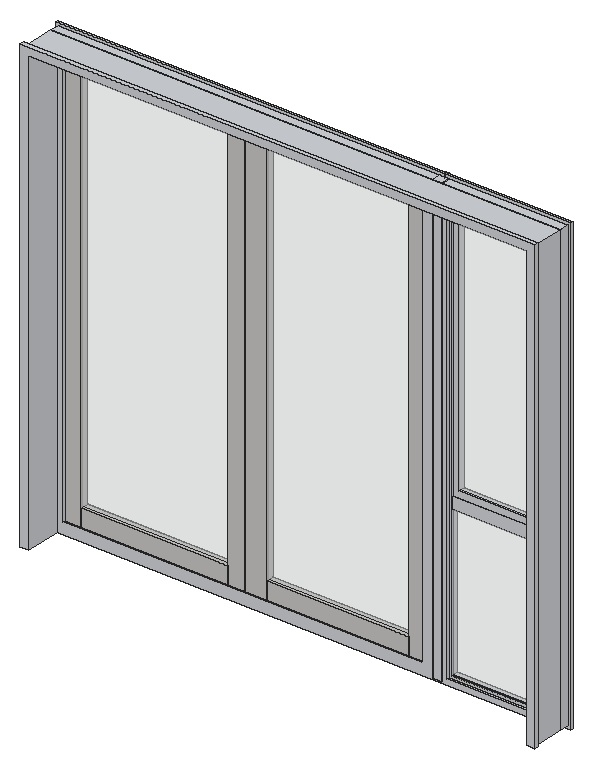
Revit family "APL Residential Thermal Heart French Door with Sidelight", category Doors, host Wall, Revit 2017
Family settings
  Host = Wall
  OmniClass Number = 23.30.10.00
  OmniClass Title = Doors
  Always vertical = Yes
  Cut with Voids When Loaded = No
  Shared = No
  Room Calculation Point = No
Parameters (values of type "Architrave")
  sidelight [instance] = 608 mm
  Sidelight Length [instance] = 600 mm
  Rough Width = 2515 mm
  Rough Height = 2213 mm
  Reveal Liner = no
  Plan Swing = yes
  Panel 2 [instance] = ((Rough Width - sidelight) / 2) + 7 mm  # 960.5 mm
  Panel 1 [instance] = ((Rough Width - sidelight) / 2) - 7 mm  # 946.5 mm
  Panel = ((Rough Width - 400 mm) / 2) - 158.5 mm  # 899 mm
  Liner Sill = no
  Liner Head = yes
  Liner End = 10 mm
  Liner = 100 mm
  Jamb Liner 2 = yes
  Jamb Liner 1 = yes
  Groove = 10 mm
  Function = Interior
  Frame Width Sill = 15 mm
  Frame Projection Ext. = 13 mm
  Frame Projection Int. = 20 mm
  Frame Width = 12.5 mm
  Height = Rough Height - 12.5 mm  # 2200.5 mm
  Wall Closure = By host
  Width = Rough Width - 15 mm  # 2500 mm
  Architrave = yes
  Analytic Construction = "<None>"
  90° Opening [instance] = no
  15° Opening [instance] = yes
Reference planes
  plane 1: y = 0
  plane 2 "Center (Left/Right)": x = -1214.5
  plane 3 "Left": x = -2161
  plane 4 "Right": x = 354
  plane 5: z = 2213
  plane 6 "Exterior": y = 100
  plane 7 "Interior": y = -100
  plane 8: x = -254
  plane 9: x = -2113.956
  plane 10: x = -315.044
Forms (mm)
  Extrusion 1, solid, visible <- "Architrave"
    sketch origin (-3050, -100, 0) x (1, 0, 0) y (0, 0, 1)
      loop
        line (876.5, 0) -> (889, 0) -> (889, 2213) -> (3404, 2213) -> (3404, 0) -> (3416.5, 0) -> (3416.5, 2225.5) -> (876.5, 2225.5) -> (876.5, 0)
    from 0 to 20
  Extrusion 2, solid
    sketch origin (-47.659, 0, 0) x (1, 0, 0) y (0, 1, 0)
      loop
        line (-2066.296, 88.12) -> (-1977.493, 88.12) -> (-1977.493, 104.549) -> (-1991.404, 118.461) -> (-2066.296, 118.461) -> (-2066.296, 88.12)
    from 44.822 to 2165.956
  Extrusion 3, solid
    sketch origin (0, 0, 0) x (1, 0, 0) y (0, 1, 0)
      loop
        line (-1107.554, 102.961) -> (-1107.554, 78.752) -> (-405.057, 78.752) -> (-405.057, 102.961) -> (-1107.554, 102.961)
    from 141.653 to 2068.433
  Extrusion 4, solid
    sketch origin (-1214.5, 0, 0) x (0, 1, 0) y (0, 0, 1)
      loop
        line (118.461, 2165.956) -> (88.461, 2165.956) -> (88.461, 2068.433) -> (103.451, 2068.433) -> (118.461, 2083.442) -> (118.461, 2165.956)
    from 92.506 to 823.556
  Extrusion 5, solid, visible <- "Architrave"
    sketch origin (0, -32.901, 0) x (1, 0, 0) y (0, 0, 1)
      loop
        line (354, 2213) -> (-2161, 2213) -> (-2161, 0) -> (-2132.924, 0) -> (-2132.924, 2184.924) -> (325.924, 2184.924) -> (325.924, 0) -> (354, 0) -> (354, 2213)
    from -87.788 to 87.099
  Sweep 6, solid, visible <- "Reveal Liner"
    path origin (0, -100, 0) x (1, 0, 0) y (0, 0, 1)
      loop
        line (-2161, 0) -> (-2161, 2213) -> (354, 2213) -> (354, 0)
    profile origin (-2161, -100, 1106.5) x (-1, 0, 0) y (0, -1, 0)
      loop
        line (-9.076, 20) -> (-28.076, 20) -> (-28.076, -154.887) -> (0, -154.887) -> (0, 0.131) -> (-14.642, 0.131) -> (-14.642, 10) -> (-9.076, 10) -> (-9.076, 20)
  Extrusion 7, solid
    sketch origin (0, 100, 0) x (1, 0, 0) y (0, 0, 1)
      loop
        line (354, 2213) -> (-2161, 2213) -> (-2161, 0) -> (354, 0) -> (354, 2213)
      loop
        line (346.5, 2202.8) -> (-2150.8, 2202.8) -> (-2150.8, 7.978) -> (346.5, 7.978) -> (346.5, 2202.8)
    from 0 to 45.113
  Sweep 8, solid
    path origin (0, 100, 0) x (1, 0, 0) y (0, 0, 1)
      loop
        line (-268.001, 2213) -> (-2161, 2213) -> (-2161, -2.222) -> (-268.001, -2.222) -> (-268.001, 2213)
    profile origin (-2161, 100, 1105.389) x (0, -1, 0) y (1, 0, 0)
      loop
        line (0, -13) -> (0, 10.2) -> (45.113, 10.2) -> (45.113, 60.001) -> (33.539, 60.001) -> (33.539, 47.044) -> (-18.461, 47.044) -> (-18.461, 41.5) -> (-20.5, 41.5) -> (-20.5, 5.968) -> (-12.064, -1.111) -> (-12.064, -13) -> (0, -13)
  Extrusion 9, solid
    sketch origin (-441.648, 0, 0) x (-1, 0, 0) y (0, -1, 0)
      loop
        line (-126.604, -88.461) -> (-126.604, -118.461) -> (-50.704, -118.461) -> (-36.506, -104.263) -> (-36.506, -88.461) -> (-126.604, -88.461)
    from 44.822 to 2165.956
  Extrusion 10, solid
    sketch origin (-448.506, 0, 0) x (1, 0, 0) y (0, 1, 0)
      loop
        line (43.449, 88.461) -> (43.449, 66.461) -> (133.461, 66.461) -> (133.461, 88.461) -> (43.449, 88.461)
    from 44.822 to 2165.956
  Extrusion 11, solid
    sketch origin (0, 0, 0) x (-1, 0, 0) y (0, -1, 0)
      loop
        line (2025.152, -88.12) -> (2113.956, -88.12) -> (2113.956, -66.461) -> (2025.152, -66.461) -> (2025.152, -88.12)
    from 44.822 to 2165.956
  Extrusion 12, solid
    sketch origin (-1214.5, 0, -12.957) x (0, 1, 0) y (0, 0, 1)
      loop
        line (88.461, 2178.912) -> (66.461, 2178.912) -> (66.461, 2081.389) -> (88.461, 2081.389) -> (88.461, 2178.912)
    from 106.946 to 809.443
  Extrusion 13, solid
    sketch origin (-1214.5, 0, -0.55) x (0, 1, 0) y (0, 0, 1)
      loop
        line (88.461, 142.203) -> (66.461, 142.203) -> (66.461, 45.372) -> (88.461, 45.372) -> (88.461, 142.203)
    from -810.652 to -85.254
  Extrusion 14, solid
    sketch origin (-1214.5, 0, 2312.086) x (0, 1, 0) y (0, 0, 1)
      loop
        line (118.461, -2267.263) -> (118.461, -2185.442) -> (103.451, -2170.433) -> (88.461, -2170.433) -> (88.461, -2267.263) -> (118.461, -2267.263)
    from 92.558 to 823.556
  Extrusion 15, solid
    sketch origin (759.407, 0, 0) x (1, 0, 0) y (0, 1, 0)
      loop
        line (-1973.907, 88.461) -> (-1866.962, 88.461) -> (-1866.962, 104.021) -> (-1881.401, 118.461) -> (-1973.907, 118.461) -> (-1973.907, 88.461)
    from 44.822 to 2165.956
  Extrusion 16, solid
    sketch origin (766.265, 0, 0) x (-1, 0, 0) y (0, -1, 0)
      loop
        line (1873.819, -88.461) -> (1980.765, -88.461) -> (1980.765, -66.461) -> (1873.819, -66.461) -> (1873.819, -88.461)
    from 44.822 to 2165.956
  Extrusion 17, solid
    sketch origin (-759.407, 0, 0) x (-1, 0, 0) y (0, -1, 0)
      loop
        line (455.093, -88.461) -> (455.093, -118.461) -> (525.755, -118.461) -> (540.347, -103.869) -> (540.347, -88.461) -> (455.093, -88.461)
    from 44.822 to 2165.956
  Extrusion 18, solid
    sketch origin (-766.265, 0, 0) x (1, 0, 0) y (0, 1, 0)
      loop
        line (-533.49, 88.461) -> (-533.49, 66.461) -> (-448.235, 66.461) -> (-448.235, 88.461) -> (-533.49, 88.461)
    from 44.822 to 2165.956
  Extrusion 19, solid
    sketch origin (0, 0, 0) x (0, 1, 0) y (0, 0, -1)
      loop
        line (118.461, -2165.956) -> (118.461, -2083.442) -> (103.451, -2068.433) -> (88.461, -2068.433) -> (88.461, -2165.956) -> (118.461, -2165.956)
    from 1285.163 to 2038.859
  Extrusion 20, solid
    sketch origin (0, 0, -12.957) x (0, 1, 0) y (0, 0, -1)
      loop
        line (88.461, -2178.912) -> (88.461, -2081.389) -> (66.461, -2081.389) -> (66.461, -2178.912) -> (88.461, -2178.912)
    from 1299.754 to 2025.152
  Extrusion 21, solid
    sketch origin (0, 0, 2312.086) x (0, 1, 0) y (0, 0, -1)
      loop
        line (118.461, 2267.263) -> (88.461, 2267.263) -> (88.461, 2170.433) -> (103.451, 2170.433) -> (118.461, 2185.442) -> (118.461, 2267.263)
    from 1285.163 to 2039.064
  Extrusion 22, solid
    sketch origin (0, 0, -0.55) x (0, 1, 0) y (0, 0, -1)
      loop
        line (88.461, -142.203) -> (88.461, -45.372) -> (66.461, -45.372) -> (66.461, -142.203) -> (88.461, -142.203)
    from 405.057 to 1107.554
  Extrusion 23, solid
    sketch origin (0, 0, 0) x (-1, 0, 0) y (0, -1, 0)
      loop
        line (1299.754, -102.961) -> (2025.152, -102.961) -> (2025.152, -78.752) -> (1299.754, -78.752) -> (1299.754, -102.961)
    from 141.653 to 2068.433
  Extrusion 24, solid
    sketch origin (0, 0, 0) x (1, 0, 0) y (0, 1, 0)
      loop
        arc (-261.7, 113.904) -> (-262.62, 112.984) -> (-261.7, 112.064) r 0.92
        line (-261.7, 112.064) -> (-255.001, 112.064) -> (-255.001, 100) -> (-252.038, 100) -> (-252.038, 112.064) -> (-245.3, 112.064)
        arc (-245.3, 112.064) -> (-244.38, 112.984) -> (-245.3, 113.904) r 0.92
        line (-245.3, 113.904) -> (-261.7, 113.904)
    from -15.222 to 2226
  Extrusion 25, solid
    sketch origin (687.615, -8.448, 0) x (1, 0, 0) y (0, 1, 0)
      loop
        line (-884.084, 111.2) -> (-884.084, 87.2) -> (-376.828, 87.2) -> (-376.828, 111.2) -> (-884.084, 111.2)
    from 40.543 to 776.113
  Extrusion 26, solid
    sketch origin (1507.615, 0, 0) x (1, 0, 0) y (0, 1, 0)
      loop
        line (-1675.43, 111.2) -> (-1675.43, 87.2) -> (-1225.115, 87.2) -> (-1225.115, 111.2) -> (-1675.43, 111.2)
    from 863.298 to 2142.1
  Sweep 27, solid
    path origin (0, 100, 0) x (1, 0, 0) y (0, 0, 1)
      loop
        line (-240.215, 2213.6) -> (-240.215, 790.898) -> (354.9, 790.898) -> (354.9, 2213.6) -> (-240.215, 2213.6)
    profile origin (354.9, 100, 1502.249) x (0, -1, 0) y (1, 0, 0)
      loop
        line (-24.2, -18.807) -> (-24.2, -60.763) -> (-12.563, -72.4) -> (22.671, -72.4) -> (22.671, -24.668) -> (-18, -24.668) -> (-18, -18.807) -> (-24.2, -18.807)
  Sweep 28, solid
    path origin (0.768, 100, -45.297) x (1, 0, 0) y (0, 0, 1)
      loop
        line (310.019, 821.41) -> (-197.237, 821.41) -> (-197.237, 85.84) -> (310.019, 85.84) -> (310.019, 821.41)
    profile origin (57.159, 100, 40.543) x (0, 0, 1) y (0, -1, 0)
      loop
        line (0, 22.671) -> (-19.445, 22.671) -> (-19.445, -18) -> (-14.785, -18) -> (0, -3.215) -> (0, 22.671)
  Sweep 29, solid
    path origin (0, 100, 0) x (1, 0, 0) y (0, 0, 1)
      loop
        line (-239.038, 2213) -> (-239.038, -2.2) -> (354, -2.2) -> (354, 2213) -> (-239.038, 2213)
    profile origin (354, 100, 1105.4) x (0, -1, 0) y (1, 0, 0)
      loop
        line (0, -7.5) -> (0, 13) -> (-12, 13) -> (-12, -2.5) -> (-18, -8.5) -> (-18, -23.768) -> (22.671, -23.768) -> (22.671, -43.213) -> (28.024, -43.213) -> (28.024, -29.4) -> (45.113, -29.4) -> (45.113, -7.5) -> (0, -7.5)
  Extrusion 30, solid
    sketch origin (-1214.5, 0, 0) x (0, 1, 0) y (0, 0, 1)
      loop
        line (71.976, 834.168) -> (71.976, 776.113) -> (77.329, 776.113) -> (77.329, 834.168) -> (71.976, 834.168)
    from 1018.675 to 1525.287
  Extrusion 31, solid
    sketch origin (-1214.5, 0, 0) x (0, 1, 0) y (0, 0, 1)
      loop
        line (77.329, 815.567) -> (77.329, 795.558) -> (118, 795.558) -> (118, 815.567) -> (77.329, 815.567)
    from 999.23 to 1544.732
  Extrusion 32, solid
    sketch origin (0, -27.275, 0) x (1, 0, 0) y (0, 1, 0)
      loop
        line (-278.201, 127.275) -> (-278.201, 82.162) -> (-231.538, 82.162) -> (-231.538, 127.275) -> (-278.201, 127.275)
    from 7.978 to 2213
Cuts and joins
  joined: Extrusion 1, Extrusion 5
  joined: Extrusion 7, Sweep 8, Sweep 29
  joined: Extrusion 17, Extrusion 18
  joined: Extrusion 15, Extrusion 16
  joined: Extrusion 2, Extrusion 11
  joined: Extrusion 9, Extrusion 10
  joined: Extrusion 19, Extrusion 20
  joined: Extrusion 4, Extrusion 12
  joined: Extrusion 13, Extrusion 21
  joined: Extrusion 14, Extrusion 22
Lines and regions (mm)
  Opening 1
    outline origin (-3050, -100, 0) x (1, 0, 0) y (0, 0, 1)
      loop
        line (889, 0) -> (3404, 0) -> (3404, 2213) -> (889, 2213) -> (889, 0)
  symbolic lines, style "Elevation Swing"
    curve 1: line (-315.045, -100, 1106.5) -> (-1214.5, -100, 2165.457)
    curve 2: line (-315.045, -100, 1106.5) -> (-1214.5, -100, 44.629)
    curve 3: line (-2113.956, -100, 1106.5) -> (-1214.5, -100, 2165.457)
    curve 4: line (-2113.956, -100, 1106.5) -> (-1214.5, -100, 44.629)
  symbolic lines, style "Plan Swing", visible <- "90° Opening"
    curve 5: line (-315.045, 118.461, 0) -> (-315.045, 1017.582, 0)
    curve 6: line (-2113.5, 118.461, 0) -> (-2113.5, 1017.461, 0)
    curve 7: arc (-1214.5, 118.461, 0) -> (-1477.811, 754.15, 0) -> (-2113.5, 1017.461, 0) r 899
    curve 8: arc (-1214.045, 118.582, 0) -> (-950.734, 754.271, 0) -> (-315.045, 1017.582, 0) r 899
  symbolic lines, style "Plan Swing", visible <- "15° Opening"
    curve 9: line (-2113.5, 118.461, 0) -> (-1245.133, 351.139, 0)
    curve 10: line (-315.045, 118.461, 0) -> (-1183.837, 351.253, 0)
    curve 11: arc (-1214.5, 118.461, 0) -> (-1222.191, 235.804, 0) -> (-1245.133, 351.139, 0) r 899
    curve 12: arc (-1214.5, 118.461, 0) -> (-1206.801, 235.862, 0) -> (-1183.837, 351.253, 0) r 899
Text (mm)
  text "Exterior" at (-2295.016, 1099.543, 0), in view "Ref. Level"
  text "Exterior" at (0, 1615.38, 3698.081), in view "Left"
  text "Exterior" at (0, 659.21, 3257.584), in view "Right"
Dimensions and locks
  equal spacing: cut or joined group of Extrusion 2, Extrusion 11, plane 2 "Center (Left/Right)", cut or joined group of Extrusion 9, Extrusion 10
  "Rough Width": plane 3 "Left" to plane 4 "Right"
  "Rough Height": plane 5 to host wall
  equal spacing: host wall, curve 2, plane 5
  host wall to plane 5 = 2213 mm
  "Frame Projection Int.": Extrusion 1 to Extrusion 1
  "Frame Width": plane 3 "Left" to Extrusion 1 sketch curve
  "Frame Width": plane 4 "Right" to Extrusion 1 sketch curve
  "Frame Width": Extrusion 1 sketch curve to plane 5
  locked: plane 6 "Exterior" to host wall at 0
  locked: plane 7 "Interior" to host wall
  level to nested 1 = 5 mm
  locked: Extrusion 7 to plane 6 "Exterior" at 45.113
  Extrusion 4 to Extrusion 4 to Extrusion 4 to plane 5 = 15.009 mm locked, 82.513 mm locked, 47.044 mm locked
  locked: Extrusion 3 to plane 5 at 144.567
  Extrusion 14 to Extrusion 14 = 96.83 mm
  locked: cut or joined group of Extrusion 7, Sweep 8, Sweep 29 to plane 6 "Exterior" at 45.113
  plane 3 "Left" to plane 9 = 47.044 mm
  locked: plane 3 "Left" to Sweep 6 at 28.076
  locked: Sweep 6 to plane 4 "Right" at 28.076
  locked: Extrusion 19 to Extrusion 19 at 97.523
  locked: plane 3 "Left" to Extrusion 21 at 121.936  (x2)
  locked: plane 5 to Extrusion 12 at 47.044
  plane 5 to Extrusion 20 = 47.044 mm
  locked: plane 3 "Left" to Extrusion 19 at 122.141
  nested 1 to plane 5 = 7.5 mm
  locked: plane 3 "Left" to Extrusion 13 at 135.848
  locked: plane 5 to cut or joined group of Extrusion 2, Extrusion 11 at 47.044
  plane 5 to cut or joined group of Extrusion 9, Extrusion 10 = 47.044 mm
  locked: plane 3 "Left" to Extrusion 20 at 135.848
  "sidelight": plane 8 to plane 4 "Right"
  cut or joined group of Extrusion 9, Extrusion 10 to cut or joined group of Extrusion 9, Extrusion 10 to plane 8 = 90.012 mm locked, 61.044 mm locked
  cut or joined group of Extrusion 7, Sweep 8, Sweep 29 to cut or joined group of Extrusion 7, Sweep 8, Sweep 29 to plane 8 = 49.801 mm locked, 24.201 mm locked
  locked: Extrusion 14 to plane 8 at 136.944
  locked: plane 8 to Sweep 27 at 38.453
  locked: plane 8 to Sweep 27 at 86.185
  locked: Sweep 27 to plane 4 "Right" at 71.5
  locked: Sweep 28 to plane 4 "Right" at 43.213
  locked: plane 10 to plane 8 at 61.044
  "Panel 1": plane 3 "Left" to plane 2 "Center (Left/Right)"
  "Panel 2": plane 2 "Center (Left/Right)" to plane 8
  equal spacing: level, curve 4, plane 5
  locked: Extrusion 26 to plane 5 at 70.9
  plane 5 to cut or joined group of Extrusion 1, Extrusion 5 = 28.076 mm
  Extrusion 21 to plane 2 "Center (Left/Right)" to Extrusion 14 = 70.663 mm, 92.558 mm locked
  locked: plane 2 "Center (Left/Right)" to Extrusion 19 at 70.663
  locked: plane 2 "Center (Left/Right)" to Extrusion 4 at 92.506
  locked: plane 8 to Extrusion 30 at 58.175
  locked: plane 4 "Right" to Extrusion 30 at 43.213
  locked: Extrusion 31 to plane 4 "Right" at 23.768
  locked: plane 8 to Extrusion 31 at 38.73
  locked: plane 5 to Extrusion 24 at 13
  locked: plane 5 to Extrusion 32
  locked: plane 5 to nested 3 at 7.332
  locked: plane 3 "Left" to nested 2 at 7.5
  locked: plane 2 "Center (Left/Right)" to Extrusion 21 at 70.663
  locked: nested 1 to host wall at 5
  "Panel": radius of curve 7
  "Panel": radius of curve 8
  "Panel": radius of curve 11
  "Panel": radius of curve 12
  angle curve 10 to cut or joined group of Extrusion 15, Extrusion 16 = 15.00°
  locked: cut or joined group of Extrusion 17, Extrusion 18 to curve 9 (angle 15.00°)
  aligned and locked: plane 3 "Left" to Opening 1 sketch curve
  aligned and locked: plane 5 to Opening 1 sketch curve  (x2)
  aligned and locked: Opening 1 sketch curve to plane 4 "Right"
  aligned and locked: Opening 1 sketch curve to level
  aligned and locked: level to Extrusion 1 sketch curve
  aligned and locked: plane 5 to Extrusion 1 sketch curve  (x2)
  aligned and locked: Extrusion 1 sketch curve to plane 4 "Right"
  aligned and locked: plane 3 "Left" to Extrusion 1 sketch curve
  aligned and locked: host wall to plane 1
  aligned and locked: Extrusion 1 to Extrusion 5
  aligned and locked: Extrusion 1 to level
  aligned and locked: plane 5 to Sweep 6 sketch curve
  aligned and locked: Sweep 6 sketch curve to plane 4 "Right"
  aligned and locked: Sweep 6 sketch curve to plane 3 "Left"
  aligned and locked: cut or joined group of Extrusion 1, Extrusion 5 to Sweep 6 sketch curve
  aligned and locked: Sweep 6 sketch curve to cut or joined group of Extrusion 1, Extrusion 5
  aligned and locked: Sweep 6 sketch curve to profile plane
  aligned and locked: Sweep 6 sketch curve to Extrusion 7
  aligned and locked: Extrusion 5 to cut or joined group of Extrusion 7, Sweep 8, Sweep 29
  aligned and locked: Extrusion 12 to Extrusion 3
  aligned and locked: Extrusion 3 to Extrusion 12
  aligned and locked: Extrusion 11 to Extrusion 2  (x2)
  aligned and locked: Extrusion 22 to Extrusion 3
  aligned and locked: Extrusion 3 to Extrusion 22
  aligned and locked: Extrusion 22 to cut or joined group of Extrusion 9, Extrusion 10
  aligned and locked: Extrusion 4 to Extrusion 14
  aligned and locked: Extrusion 23 to Extrusion 20
  aligned and locked: Extrusion 2 to Extrusion 11  (x2)
  aligned and locked: plane 9 to Sweep 8 sketch curve
  aligned and locked: Extrusion 13 to Extrusion 23
  aligned and locked: Extrusion 23 to Extrusion 3
  aligned and locked: Extrusion 23 to Extrusion 13
  aligned and locked: Extrusion 23 to cut or joined group of Extrusion 2, Extrusion 11
  aligned and locked: Sweep 29 sketch curve to Sweep 27  (x2)
  aligned and locked: Extrusion 30 to Sweep 29 sketch curve
  aligned and locked: Extrusion 30 to Sweep 27
  aligned and locked: Extrusion 31 to Sweep 27  (x2)
  aligned and locked: Sweep 27 to Extrusion 31
  aligned and locked: Extrusion 31 to Sweep 28
  aligned and locked: Extrusion 21 to Extrusion 13
  aligned and locked: Extrusion 17 to Extrusion 13
  aligned and locked: Extrusion 15 to Extrusion 13
  aligned and locked: Extrusion 14 to Extrusion 13
  aligned and locked: Extrusion 9 to Extrusion 10
  aligned and locked: Extrusion 19 to cut or joined group of Extrusion 7, Sweep 8, Sweep 29
  aligned and locked: Extrusion 2 to cut or joined group of Extrusion 7, Sweep 8, Sweep 29
  aligned and locked: Extrusion 17 to cut or joined group of Extrusion 7, Sweep 8, Sweep 29
  aligned and locked: Extrusion 15 to cut or joined group of Extrusion 7, Sweep 8, Sweep 29
  aligned and locked: Extrusion 4 to cut or joined group of Extrusion 7, Sweep 8, Sweep 29
  aligned and locked: Extrusion 9 to Extrusion 4
  aligned and locked: Extrusion 20 to Extrusion 4
  aligned and locked: Extrusion 18 to Extrusion 4
  aligned and locked: Extrusion 16 to Extrusion 4
  aligned and locked: Extrusion 12 to Extrusion 4
  aligned and locked: Extrusion 10 to Extrusion 4
  aligned and locked: Extrusion 5 to Sweep 6
  aligned and locked: Extrusion 7 to Sweep 8  (x2)
  aligned and locked: Extrusion 7 to host wall
  aligned and locked: Extrusion 7 to level
  aligned and locked: cut or joined group of Extrusion 7, Sweep 8, Sweep 29 to Extrusion 32 sketch curve
  aligned and locked: Extrusion 32 sketch curve to cut or joined group of Extrusion 7, Sweep 8, Sweep 29
  aligned and locked: Extrusion 32 sketch curve to Sweep 29  (x2)
  aligned and locked: Extrusion 24 to Sweep 29
  aligned and locked: cut or joined group of Extrusion 7, Sweep 8, Sweep 29 to curve 5
  aligned and locked: curve 5 to cut or joined group of Extrusion 7, Sweep 8, Sweep 29
  aligned and locked: cut or joined group of Extrusion 15, Extrusion 16 to curve 7
  aligned and locked: cut or joined group of Extrusion 15, Extrusion 16 to curve 11
  aligned and locked: cut or joined group of Extrusion 7, Sweep 8, Sweep 29 to curve 9
Automatic sketch dimensions
  curve 1 to plane 2 "Center (Left/Right)" = 0 mm
  curve 2 to plane 2 "Center (Left/Right)" = 0 mm
  curve 2 to plane 10 = 0.001 mm
  plane 5 to curve 1 = 47.543 mm
  level to curve 2 = 44.629 mm
  Extrusion 2 sketch curve to plane 9 = 0 mm
  host wall to Extrusion 2 sketch curve = 18.461 mm
  Extrusion 2 sketch curve to Extrusion 2 sketch curve = 74.892 mm
  host wall to Extrusion 2 sketch curve = 4.549 mm
  Extrusion 2 sketch curve to Extrusion 2 sketch curve = 13.912 mm
  Extrusion 2 sketch curve to host wall = 11.88 mm
  Extrusion 3 sketch curve to host wall = 21.248 mm
  plane 2 "Center (Left/Right)" to Extrusion 3 sketch curve = 106.946 mm
  Extrusion 3 sketch curve to plane 10 = 90.012 mm
  host wall to Extrusion 3 sketch curve = 2.961 mm
  Extrusion 4 sketch curve to host wall = 11.539 mm
  host wall to Extrusion 4 sketch curve = 3.451 mm
  host wall to Extrusion 4 sketch curve = 18.461 mm
  plane 5 to Extrusion 4 sketch curve = 144.567 mm
  Extrusion 4 sketch curve to Extrusion 4 sketch curve = 15.009 mm
  plane 5 to Extrusion 4 sketch curve = 47.044 mm
  plane 3 "Left" to Extrusion 5 sketch curve = 0 mm
  Extrusion 5 sketch curve to level = 0 mm  (x2)
  plane 4 "Right" to Extrusion 5 sketch curve = 0 mm
  Extrusion 5 sketch curve to plane 5 = 0 mm
  plane 9 to Extrusion 5 sketch curve = 18.968 mm
  plane 4 "Right" to Extrusion 5 sketch curve = 28.076 mm
  plane 5 to Extrusion 5 sketch curve = 28.076 mm
  Sweep 6 sketch curve to level = 0 mm  (x2)
  profile plane to Sweep 6 sketch curve = 14.642 mm
  Sweep 6 sketch curve to Sweep 6 sketch curve = 5.565 mm
  plane 7 "Interior" to Sweep 6 sketch curve = 0.131 mm
  Sweep 6 sketch curve to Sweep 6 sketch curve = 10 mm
  plane 3 "Left" to Extrusion 7 sketch curve = 0 mm
  plane 4 "Right" to Extrusion 7 sketch curve = 0 mm
  Extrusion 7 sketch curve to level = 0 mm
  Extrusion 7 sketch curve to plane 5 = 0 mm
  Extrusion 7 sketch curve to plane 3 "Left" = 10.2 mm
  plane 4 "Right" to Extrusion 7 sketch curve = 7.5 mm
  level to Extrusion 7 sketch curve = 7.978 mm
  plane 5 to Extrusion 7 sketch curve = 10.2 mm
  plane 3 "Left" to Sweep 8 sketch curve = 0 mm
  Sweep 8 sketch curve to plane 5 = 0 mm
  Sweep 8 sketch curve to level = 2.222 mm
  plane 8 to Sweep 8 sketch curve = 14.001 mm
  plane 6 "Exterior" to Sweep 8 sketch curve = 0 mm
  profile plane to Sweep 8 sketch curve = 1.111 mm
  Sweep 8 sketch curve to plane 6 "Exterior" = 12.064 mm
  Sweep 8 sketch curve to plane 6 "Exterior" = 18.461 mm
  Sweep 8 sketch curve to Sweep 8 sketch curve = 2.039 mm
  plane 6 "Exterior" to Sweep 8 sketch curve = 33.539 mm
  Sweep 8 sketch curve to profile plane = 10.2 mm
  Sweep 8 sketch curve to Sweep 8 sketch curve = 11.574 mm
  profile plane to Sweep 8 sketch curve = 13 mm
  Sweep 8 sketch curve to profile plane = 5.968 mm
  Sweep 8 sketch curve to Sweep 8 sketch curve = 5.544 mm
  Sweep 8 sketch curve to Sweep 8 sketch curve = 12.957 mm
  Extrusion 9 sketch curve to plane 10 = 0 mm
  Extrusion 9 sketch curve to host wall = 18.461 mm
  Extrusion 9 sketch curve to Extrusion 9 sketch curve = 75.9 mm
  Extrusion 9 sketch curve to host wall = 4.263 mm
  Extrusion 9 sketch curve to Extrusion 9 sketch curve = 14.198 mm
  host wall to Extrusion 9 sketch curve = 11.539 mm
  Extrusion 10 sketch curve to plane 10 = 0 mm
  Extrusion 10 sketch curve to host wall = 11.539 mm
  Extrusion 10 sketch curve to Extrusion 10 sketch curve = 90.012 mm
  Extrusion 10 sketch curve to Extrusion 10 sketch curve = 22 mm
  Extrusion 11 sketch curve to plane 9 = 0 mm
  host wall to Extrusion 11 sketch curve = 11.88 mm
  Extrusion 11 sketch curve to Extrusion 11 sketch curve = 88.804 mm
  Extrusion 11 sketch curve to Extrusion 11 sketch curve = 21.66 mm
  Extrusion 12 sketch curve to host wall = 33.539 mm
  Extrusion 12 sketch curve to host wall = 11.539 mm
  plane 5 to Extrusion 12 sketch curve = 144.567 mm
  plane 5 to Extrusion 12 sketch curve = 47.044 mm
  Extrusion 13 sketch curve to host wall = 33.539 mm
  Extrusion 13 sketch curve to host wall = 11.539 mm
  level to Extrusion 13 sketch curve = 44.822 mm
  Extrusion 13 sketch curve to Extrusion 13 sketch curve = 96.83 mm
  host wall to Extrusion 14 sketch curve = 11.539 mm
  Extrusion 14 sketch curve to host wall = 3.451 mm
  Extrusion 14 sketch curve to host wall = 18.461 mm
  Extrusion 14 sketch curve to level = 141.653 mm
  Extrusion 14 sketch curve to Extrusion 14 sketch curve = 15.009 mm
  Extrusion 14 sketch curve to level = 44.822 mm
  Extrusion 15 sketch curve to plane 2 "Center (Left/Right)" = 0 mm
  host wall to Extrusion 15 sketch curve = 18.461 mm
  Extrusion 15 sketch curve to Extrusion 15 sketch curve = 92.506 mm
  host wall to Extrusion 15 sketch curve = 4.021 mm
  Extrusion 15 sketch curve to Extrusion 15 sketch curve = 14.44 mm
  Extrusion 15 sketch curve to host wall = 11.539 mm
  Extrusion 16 sketch curve to plane 2 "Center (Left/Right)" = 0 mm
  host wall to Extrusion 16 sketch curve = 11.539 mm
  Extrusion 16 sketch curve to plane 2 "Center (Left/Right)" = 106.946 mm
  Extrusion 16 sketch curve to Extrusion 16 sketch curve = 22 mm
  Extrusion 17 sketch curve to plane 2 "Center (Left/Right)" = 0 mm
  Extrusion 17 sketch curve to host wall = 18.461 mm
  plane 2 "Center (Left/Right)" to Extrusion 17 sketch curve = 70.663 mm
  Extrusion 17 sketch curve to host wall = 3.869 mm
  Extrusion 17 sketch curve to Extrusion 17 sketch curve = 14.592 mm
  host wall to Extrusion 17 sketch curve = 11.539 mm
  Extrusion 18 sketch curve to plane 2 "Center (Left/Right)" = 0 mm
  Extrusion 18 sketch curve to host wall = 11.539 mm
  Extrusion 18 sketch curve to plane 2 "Center (Left/Right)" = 85.254 mm
  Extrusion 18 sketch curve to Extrusion 18 sketch curve = 22 mm
  plane 9 to curve 4 = 0 mm
  curve 4 to plane 2 "Center (Left/Right)" = 0 mm
  curve 3 to plane 2 "Center (Left/Right)" = 0 mm
  level to curve 4 = 44.629 mm
  plane 5 to curve 3 = 47.543 mm
  Extrusion 19 sketch curve to host wall = 11.539 mm
  host wall to Extrusion 19 sketch curve = 3.451 mm
  host wall to Extrusion 19 sketch curve = 18.461 mm
  plane 5 to Extrusion 19 sketch curve = 47.044 mm
  Extrusion 19 sketch curve to Extrusion 19 sketch curve = 82.513 mm
  Extrusion 19 sketch curve to Extrusion 19 sketch curve = 15.009 mm
  Extrusion 20 sketch curve to host wall = 33.539 mm
  Extrusion 20 sketch curve to host wall = 11.539 mm
  plane 5 to Extrusion 20 sketch curve = 47.044 mm
  Extrusion 20 sketch curve to Extrusion 20 sketch curve = 97.523 mm
  Extrusion 21 sketch curve to host wall = 11.539 mm
  host wall to Extrusion 21 sketch curve = 3.451 mm
  host wall to Extrusion 21 sketch curve = 18.461 mm
  level to Extrusion 21 sketch curve = 141.653 mm
  Extrusion 21 sketch curve to Extrusion 21 sketch curve = 15.009 mm
  level to Extrusion 21 sketch curve = 44.822 mm
  Extrusion 22 sketch curve to host wall = 33.539 mm
  Extrusion 22 sketch curve to host wall = 11.539 mm
  level to Extrusion 22 sketch curve = 141.653 mm
  level to Extrusion 22 sketch curve = 44.822 mm
  host wall to Extrusion 23 sketch curve = 21.248 mm
  plane 2 "Center (Left/Right)" to Extrusion 23 sketch curve = 85.254 mm
  plane 9 to Extrusion 23 sketch curve = 88.804 mm
  Extrusion 23 sketch curve to host wall = 2.961 mm
  Extrusion 24 sketch curve to host wall = 0 mm
  plane 8 to Extrusion 24 sketch curve = 7.7 mm
  plane 8 to Extrusion 24 sketch curve = 1.001 mm
  Extrusion 24 sketch curve to plane 8 = 1.962 mm
  Extrusion 24 sketch curve to Extrusion 24 sketch curve = 6.738 mm
  host wall to Extrusion 24 sketch curve = 12.064 mm
  Extrusion 24 sketch curve to Extrusion 24 sketch curve = 0 mm
  Extrusion 24 sketch curve to Extrusion 24 sketch curve = 0.92 mm
  Extrusion 25 sketch curve to host wall = 21.248 mm
  Extrusion 25 sketch curve to plane 8 = 57.531 mm
  plane 4 "Right" to Extrusion 25 sketch curve = 43.213 mm
  host wall to Extrusion 25 sketch curve = 2.752 mm
  Extrusion 26 sketch curve to host wall = 12.8 mm
  Extrusion 26 sketch curve to plane 8 = 86.185 mm
  plane 4 "Right" to Extrusion 26 sketch curve = 71.5 mm
  host wall to Extrusion 26 sketch curve = 11.2 mm
  Sweep 27 sketch curve to plane 8 = 13.785 mm
  Sweep 27 sketch curve to plane 4 "Right" = 0.9 mm
  level to Sweep 27 sketch curve = 790.898 mm
  Sweep 27 sketch curve to plane 5 = 0.6 mm
  Sweep 27 sketch curve to plane 6 "Exterior" = 24.2 mm
  Sweep 27 sketch curve to Sweep 27 sketch curve = 6.2 mm
  Sweep 27 sketch curve to plane 6 "Exterior" = 12.563 mm
  plane 6 "Exterior" to Sweep 27 sketch curve = 22.671 mm
  profile plane to Sweep 27 sketch curve = 72.4 mm
  Sweep 27 sketch curve to Sweep 27 sketch curve = 11.637 mm
  profile plane to Sweep 27 sketch curve = 24.668 mm
  Sweep 27 sketch curve to Sweep 27 sketch curve = 5.861 mm
  Sweep 28 sketch curve to plane 8 = 57.531 mm
  plane 4 "Right" to Sweep 28 sketch curve = 43.213 mm
  level to Sweep 28 sketch curve = 40.543 mm
  Sweep 28 sketch curve to Sweep 28 sketch curve = 735.57 mm
  profile plane to Sweep 28 sketch curve = 0 mm
  profile plane to Sweep 28 sketch curve = 14.785 mm
  Sweep 28 sketch curve to Sweep 28 sketch curve = 4.66 mm
  Sweep 28 sketch curve to plane 6 "Exterior" = 18 mm
  Sweep 28 sketch curve to plane 6 "Exterior" = 3.215 mm
  plane 6 "Exterior" to Sweep 28 sketch curve = 22.671 mm
  Sweep 29 sketch curve to plane 5 = 0 mm
  plane 4 "Right" to Sweep 29 sketch curve = 0 mm
  Sweep 29 sketch curve to plane 8 = 14.962 mm
  Sweep 29 sketch curve to level = 2.2 mm
  plane 6 "Exterior" to Sweep 29 sketch curve = 0 mm
  profile plane to Sweep 29 sketch curve = 2.5 mm
  Sweep 29 sketch curve to plane 6 "Exterior" = 12 mm
  profile plane to Sweep 29 sketch curve = 8.5 mm
  Sweep 29 sketch curve to Sweep 29 sketch curve = 6 mm
  profile plane to Sweep 29 sketch curve = 7.5 mm
  Sweep 29 sketch curve to Sweep 29 sketch curve = 22.442 mm
  Sweep 29 sketch curve to Sweep 29 sketch curve = 21.9 mm
  Sweep 29 sketch curve to Sweep 29 sketch curve = 13.813 mm
  Sweep 29 sketch curve to profile plane = 13 mm
  Extrusion 30 sketch curve to host wall = 28.024 mm
  Extrusion 30 sketch curve to Extrusion 30 sketch curve = 5.353 mm
  level to Extrusion 30 sketch curve = 776.113 mm
  Extrusion 30 sketch curve to Extrusion 30 sketch curve = 58.055 mm
  Extrusion 31 sketch curve to host wall = 22.671 mm
  host wall to Extrusion 31 sketch curve = 18 mm
  level to Extrusion 31 sketch curve = 795.558 mm
  Extrusion 31 sketch curve to Extrusion 31 sketch curve = 20.009 mm
  Extrusion 1 sketch curve to level = 0 mm
  curve 7 to curve 11 = 0 mm
  curve 11 to plane 2 "Center (Left/Right)" = 0 mm
  curve 12 to plane 2 "Center (Left/Right)" = 0 mm
  curve 5 to curve 8 = 0.122 mm
Nested families
  nested 1: "APL Residential Thermal Heart French Door with Sidelight Vertical Section" at (-255.001, -244.196, 120.474) x (0, -1, 0) z (1, 0, 0), Liner <- "Liner", Groove <- "Groove", Liner End <- "Liner End", Box Width <- "Height", type "Groove"
    with Liner End 10 mm, Liner 100 mm, Groove 10 mm, Glass Length 1952.5 mm, Box Width 2200.5 mm
  nested 2: "APL Residential Thermal Heart French Door with Sidelight Horizontal Section" at (155.114, 119.873, -15.222), Box Width <- "Width", Liner <- "Liner", Groove <- "Groove", Liner End <- "Liner End", Sidelight Length <- "Sidelight Length", type "Groove"
    with Sidelight Length 600 mm, Liner End 10 mm, Liner 100 mm, Groove 10 mm, Glass Lenth 2 729 mm, Glass Length 1 720 mm, Glass Length 370 mm, Box Width 2500 mm, 90 yes, 45 yes
  nested 3: "APL Residential Thermal Heart Sidelight Vertical Section" at (367, -217.979, 173.856) x (0, -1, 0) z (1, 0, 0), Box Width <- "Height", type "Groove"
    with Liner End 10 mm, Liner 100 mm, Groove 10 mm, Glazing Bead Lenght 761 mm, Glass Length 1303.5 mm, Fixed 800 mm, Box Width 2200.5 mm, Awning 1400.5 mm
Definition of nested family "APL Residential Thermal Heart French Door with Sidelight Vertical Section"
  Parameters (values of type "Groove")
    Sill Liner = yes
    Liner End [instance] = 10 mm
    Liner Block = Liner : Liner
    Liner [instance] = 100 mm
    Head Liner = yes
    Groove [instance] = 10 mm
    Glass Length [instance] = Box Width - 248 mm  # 252 mm
    Box Width [instance] = 500 mm
  Types (6, lengths in mm): name | Liner Block
    Groove | Liner : Liner
    No Groove | Liner No Groove : Liner No Groove
    Single Glazing No Groove | Liner No Groove : Liner No Groove
    Double Glazing No Groove | Liner No Groove : Liner No Groove
    Single Glazing Groove | Liner : Liner
    Double Glazing Groove | Liner : Liner
  Reference planes
    plane 1 "Front": x = -362.196
    plane 2: z = 0
    plane 3 "Center (Elevation)": y = 134.526
    plane 4: y = 384.526
    plane 5: y = -115.474
    plane 6: x = -303.196
    plane 7: y = -120.474
    plane 8: x = -349.196
    plane 9: x = -303.175
    plane 10: x = -303.196
    plane 11: x = -344.196
  Dimensions and locks
    equal spacing: plane 4, plane 3 "Center (Elevation)", plane 5
    "Box Width": plane 4 to plane 5
    "Liner": plane 6 to nested 1
    locked: plane 5 to plane 7 at 5
    locked: plane 4 to nested 3 at 124.395
    locked: plane 5 to nested 4 at 124.392
    "Liner": plane 10 to nested 6
    locked: plane 8 to plane 11 at 5
    locked: nested 3 to nested 5 at 6.328
    locked: nested 2 to nested 4 at 6.324
    locked: nested 5 to nested 1 at 32.284
    locked: nested 6 to nested 2 at 32.284
    aligned and locked: nested 1 to plane 6
    aligned and locked: nested 6 to plane 10
  Nested families
    nested 1: "Liner" at (-303.196, 363.81, 0), type <- "Liner Block", End Liner <- "Liner End", Groove <- "Groove", visible <- "Head Liner", type "Liner", in view "Left", detail levels fine
      with built-in parameter 1001306 0.32808 (stored number, unit not read)
    nested 2: "Open Out Head&Sill" at (-349.196, -115.474, 0), type "Sill", in view "Left", detail levels fine
    nested 3: "Glazing Bead" at (-346.557, 260.131, 0), Glass Lenght <- "Glass Length", type "DG", in view "Left", detail levels fine
      with Glass Lenght 252 mm
    nested 4: "Glazing Bead" at (-346.557, 8.918, 0), Glass Lenght <- "Glass Length", type "DG", in view "Left", detail levels fine
      with Glass Lenght 252 mm
    nested 5: "Open Out Head&Sill" at (-349.196, 384.526, 0), type "Sill", in view "Left", detail levels fine
    nested 6: "Liner" at (-303.196, -94.758, 0), type <- "Liner Block", End Liner <- "Liner End", Groove <- "Groove", visible <- "Sill Liner", type "Liner", in view "Left", detail levels fine
      with built-in parameter 1001306 0.32808 (stored number, unit not read)
  Definition of nested family "Liner"
    Parameters (values of type "Liner")
      Type Image = (empty or 0)
      built-in parameter 1001306 [instance] = 100 mm
      Groove [instance] = 10 mm
      End Liner [instance] = 10 mm
    Reference planes
      plane 1 "Center (Front/Back)": y = 0
      plane 2: z = 0
      plane 3 "Left": x = 0
      plane 4 "Right": x = 100
    Lines and regions (mm)
      Filled region 1, type "Brick", in view "Ref. Level"
        outline origin (0, 0, 0) x (1, 0, 0) y (0, 1, 0)
          loop
            line (0, 0) -> (120, 0) -> (120, 19) -> (110, 19) -> (110, 13.435) -> (100, 13.435) -> (100, 19) -> (0, 19) -> (0, 0)
      reference lines, in view "Ref. Level"
        curve 1: line (0, 0, 0) -> (100, 0, 0)
      detail lines, in view "Ref. Level", detail levels fine
        curve 2: line (100, 0, 0) -> (0, 0, 0)
    Dimensions and locks
      "built-in parameter 1001306": plane 3 "Left" to plane 4 "Right"
      locked: Filled region 1 to curve 2 at 19
      "Groove": plane 4 "Right" to Filled region 1
      "End Liner": Filled region 1 to Filled region 1
      aligned and locked: plane 1 "Center (Front/Back)" to curve 1
      aligned and locked: plane 3 "Left" to curve 1
      aligned and locked: plane 4 "Right" to curve 1
      aligned and locked: curve 1 to Filled region 1
      aligned and locked: plane 1 "Center (Front/Back)" to Filled region 1
      aligned and locked: Filled region 1 to plane 3 "Left"
    Automatic sketch dimensions
      curve 2 to plane 4 "Right" = 0 mm
      Filled region 1 sketch curve to plane 3 "Left" = 0 mm
      Filled region 1 sketch curve to plane 4 "Right" = 0 mm
      Filled region 1 sketch curve to Filled region 1 sketch curve = 10 mm  (x2)
      Filled region 1 sketch curve to plane 1 "Center (Front/Back)" = 0 mm
      Filled region 1 sketch curve to plane 1 "Center (Front/Back)" = 13.435 mm
      Filled region 1 sketch curve to Filled region 1 sketch curve = 5.565 mm  (x2)
      curve 2 to plane 3 "Left" = 0 mm
  Definition of nested family "Open Out Head&Sill"
    Reference planes
      plane 1 "Center (Front/Back)": y = 0
      plane 2: z = 0
      plane 3 "Center (Left/Right)": x = 0
    Lines and regions (mm)
      detail lines, in view "Ref. Level"
        curve 1: arc (27.921, 138.423, 0) -> (27.611, 138.563, 0) -> (27.449, 138.264, 0) r 0.25
        curve 2: arc (27.475, 128.376, 0) -> (27.637, 128.077, 0) -> (27.948, 128.217, 0) r 0.25
        curve 3: line (27.449, 138.264, 0) -> (28.443, 134.396, 0)
        curve 4: line (28.443, 134.396, 0) -> (27.439, 133.817, 0)
        curve 5: line (27.439, 133.817, 0) -> (27.439, 132.817, 0)
        curve 6: line (27.439, 132.817, 0) -> (28.465, 132.225, 0)
        curve 7: line (28.465, 132.225, 0) -> (27.475, 128.376, 0)
        curve 8: line (27.948, 128.217, 0) -> (29.672, 132.317, 0)
        curve 9: line (29.672, 132.317, 0) -> (30.939, 132.317, 0)
        curve 10: line (30.939, 132.317, 0) -> (30.939, 131.067, 0)
        curve 11: line (30.939, 131.067, 0) -> (31.939, 131.067, 0)
        curve 12: line (31.939, 131.067, 0) -> (31.939, 135.567, 0)
        curve 13: line (31.939, 135.567, 0) -> (30.939, 135.567, 0)
        curve 14: line (30.939, 135.567, 0) -> (30.939, 134.317, 0)
        curve 15: line (30.939, 134.317, 0) -> (29.647, 134.317, 0)
        curve 16: line (29.647, 134.317, 0) -> (27.921, 138.423, 0)
        curve 33: arc (43.239, 49.459, 0) -> (43.098, 49.401, 0) -> (43.039, 49.259, 0) r 0.2
        curve 34: arc (43.039, 46.539, 0) -> (42.981, 46.398, 0) -> (42.839, 46.339, 0) r 0.2
        curve 35: arc (41.739, 46.339, 0) -> (41.032, 46.632, 0) -> (40.739, 47.339, 0) r 1
        curve 36: arc (40.304, 45.421, 0) -> (39.422, 44.539, 0) -> (38.539, 45.421, 0) r 0.882
        curve 37: arc (38.539, 47.651, 0) -> (38.545, 47.752, 0) -> (38.56, 47.852, 0) r 1
        curve 38: arc (39.401, 51.942, 0) -> (39.95, 52.665, 0) -> (40.814, 52.939, 0) r 1.5
        curve 39: arc (42.039, 52.939, 0) -> (42.747, 52.646, 0) -> (43.039, 51.939, 0) r 1
        curve 40: arc (47.988, 51.439, 0) -> (48.168, 51.327, 0) -> (48.146, 51.116, 0) r 0.2
        curve 41: arc (46.796, 48.416, 0) -> (46.657, 48.31, 0) -> (46.487, 48.354, 0) r 0.2
        curve 42: line (43.039, 49.259, 0) -> (43.039, 46.539, 0)
        curve 43: line (42.839, 46.339, 0) -> (42.439, 46.339, 0)
        curve 44: line (42.439, 46.339, 0) -> (41.739, 46.339, 0)
        curve 45: line (40.739, 47.339, 0) -> (40.739, 50.344, 0)
        curve 46: line (40.739, 50.344, 0) -> (40.312, 47.702, 0)
        curve 47: line (40.312, 47.702, 0) -> (40.304, 45.421, 0)
        curve 48: line (38.539, 45.421, 0) -> (38.539, 47.651, 0)
        curve 49: line (38.56, 47.852, 0) -> (39.401, 51.942, 0)
        curve 50: line (40.944, 52.939, 0) -> (42.039, 52.939, 0)
        curve 51: line (43.039, 51.939, 0) -> (43.039, 51.439, 0)
        curve 52: line (43.039, 51.439, 0) -> (47.988, 51.439, 0)
        curve 53: line (48.146, 51.116, 0) -> (46.796, 48.416, 0)
        curve 54: line (46.487, 48.354, 0) -> (45.203, 49.459, 0)
        curve 55: arc (45.203, 49.459, 0) -> (44.221, 49.592, 0) -> (43.239, 49.459, 0) r 3.701
        curve 56: arc (48.146, 51.116, 0) -> (48.168, 51.327, 0) -> (47.988, 51.439, 0) r 0.2
      detail lines, in view "Ref. Level", not visible
        curve 17: arc (27.921, 135.423, 0) -> (27.611, 135.563, 0) -> (27.449, 135.264, 0) r 0.25
        curve 18: arc (27.475, 125.376, 0) -> (27.637, 125.077, 0) -> (27.948, 125.217, 0) r 0.25
        curve 19: line (27.449, 135.264, 0) -> (28.443, 131.396, 0)
        curve 20: line (28.443, 131.396, 0) -> (27.439, 130.817, 0)
        curve 21: line (27.439, 130.817, 0) -> (27.439, 129.817, 0)
        curve 22: line (27.439, 129.817, 0) -> (28.465, 129.225, 0)
        curve 23: line (28.465, 129.225, 0) -> (27.475, 125.376, 0)
        curve 24: line (27.948, 125.217, 0) -> (29.672, 129.317, 0)
        curve 25: line (29.672, 129.317, 0) -> (30.939, 129.317, 0)
        curve 26: line (30.939, 129.317, 0) -> (30.939, 128.067, 0)
        curve 27: line (30.939, 128.067, 0) -> (31.939, 128.067, 0)
        curve 28: line (31.939, 128.067, 0) -> (31.939, 132.567, 0)
        curve 29: line (31.939, 132.567, 0) -> (30.939, 132.567, 0)
        curve 30: line (30.939, 132.567, 0) -> (30.939, 131.317, 0)
        curve 31: line (30.939, 131.317, 0) -> (29.647, 131.317, 0)
        curve 32: line (29.647, 131.317, 0) -> (27.921, 135.423, 0)
        curve 57: arc (43.239, 46.459, 0) -> (43.098, 46.401, 0) -> (43.039, 46.259, 0) r 0.2
        curve 58: arc (43.039, 43.539, 0) -> (42.981, 43.398, 0) -> (42.839, 43.339, 0) r 0.2
        curve 59: arc (41.739, 43.339, 0) -> (41.032, 43.632, 0) -> (40.739, 44.339, 0) r 1
        curve 60: arc (40.304, 42.421, 0) -> (39.422, 41.539, 0) -> (38.539, 42.421, 0) r 0.882
        curve 61: arc (38.539, 44.651, 0) -> (38.545, 44.752, 0) -> (38.56, 44.852, 0) r 1
        curve 62: arc (39.401, 48.942, 0) -> (39.95, 49.665, 0) -> (40.814, 49.939, 0) r 1.5
        curve 63: arc (42.039, 49.939, 0) -> (42.747, 49.646, 0) -> (43.039, 48.939, 0) r 1
        curve 64: arc (47.988, 48.439, 0) -> (48.168, 48.327, 0) -> (48.146, 48.116, 0) r 0.2
        curve 65: arc (46.796, 45.416, 0) -> (46.657, 45.31, 0) -> (46.487, 45.354, 0) r 0.2
        curve 66: line (43.039, 46.259, 0) -> (43.039, 43.539, 0)
        curve 67: line (42.839, 43.339, 0) -> (42.439, 43.339, 0)
        curve 68: line (42.439, 43.339, 0) -> (41.739, 43.339, 0)
        curve 69: line (40.739, 44.339, 0) -> (40.739, 47.344, 0)
        curve 70: line (40.739, 47.344, 0) -> (40.312, 44.702, 0)
        curve 71: line (40.312, 44.702, 0) -> (40.304, 42.421, 0)
        curve 72: line (38.539, 42.421, 0) -> (38.539, 44.651, 0)
        curve 73: line (38.56, 44.852, 0) -> (39.401, 48.942, 0)
        curve 74: line (40.944, 49.939, 0) -> (42.039, 49.939, 0)
        curve 75: line (43.039, 48.939, 0) -> (43.039, 48.439, 0)
        curve 76: line (43.039, 48.439, 0) -> (47.988, 48.439, 0)
        curve 77: line (48.146, 48.116, 0) -> (46.796, 45.416, 0)
        curve 78: line (46.487, 45.354, 0) -> (45.203, 46.459, 0)
        curve 79: arc (45.203, 46.459, 0) -> (44.221, 46.592, 0) -> (43.239, 46.459, 0) r 3.701
        curve 80: arc (48.146, 48.116, 0) -> (48.168, 48.327, 0) -> (47.988, 48.439, 0) r 0.2
    Nested families
      nested 1: "65310_Open Out Frame" at (0, 0, 0), type "65310_Open Out Frame", in view "Ref. Level"
      nested 2: "65200_Rail" at (-12.861, 40.067, 0), type "65200_Rail", in view "Ref. Level"
    Definition of nested family "65310_Open Out Frame"
      Reference planes
        plane 1 "Center (Front/Back)": y = 0
        plane 2: z = 0
        plane 3 "Center (Left/Right)": x = 0
      Lines and regions (mm)
        model lines, in view "Ref. Level"
          curve 1: arc (25.4, 8.561, 0) -> (25.517, 8.844, 0) -> (25.8, 8.961, 0) r 0.4
          curve 2: arc (26.093, 8.961, 0) -> (26.196, 8.947, 0) -> (26.293, 8.907, 0) r 0.4
          curve 3: arc (27.821, 8.022, 0) -> (28.111, 7.902, 0) -> (28.422, 7.861, 0) r 1.2
          curve 4: arc (29.345, 7.861, 0) -> (29.918, 7.68, 0) -> (30.284, 7.203, 0) r 1
          curve 5: arc (31.077, 5.024, 0) -> (31.224, 4.833, 0) -> (31.453, 4.761, 0) r 0.4
          curve 6: arc (37.947, 4.761, 0) -> (38.176, 4.833, 0) -> (38.323, 5.024, 0) r 0.4
          curve 7: arc (39.116, 7.203, 0) -> (39.482, 7.68, 0) -> (40.055, 7.861, 0) r 1
          curve 8: arc (40.978, 7.861, 0) -> (41.289, 7.902, 0) -> (41.579, 8.022, 0) r 1.2
          curve 9: arc (43.107, 8.907, 0) -> (43.204, 8.947, 0) -> (43.307, 8.961, 0) r 0.4
          curve 10: arc (43.6, 8.961, 0) -> (43.883, 8.844, 0) -> (44, 8.561, 0) r 0.4
          curve 11: arc (44, 5.161, 0) -> (43.883, 4.878, 0) -> (43.6, 4.761, 0) r 0.4
          curve 12: arc (43.307, 4.761, 0) -> (43.204, 4.775, 0) -> (43.107, 4.815, 0) r 0.4
          curve 13: arc (41.579, 5.699, 0) -> (41.285, 5.821, 0) -> (40.97, 5.861, 0) r 1.2
          curve 14: arc (40.97, 5.861, 0) -> (40.795, 5.808, 0) -> (40.684, 5.664, 0) r 0.3
          curve 15: arc (39.796, 3.224, 0) -> (39.649, 3.033, 0) -> (39.42, 2.961, 0) r 0.4
          curve 16: arc (29.98, 2.961, 0) -> (29.751, 3.033, 0) -> (29.604, 3.224, 0) r 0.4
          curve 17: arc (28.716, 5.664, 0) -> (28.605, 5.808, 0) -> (28.43, 5.861, 0) r 0.3
          curve 18: arc (28.43, 5.861, 0) -> (28.115, 5.821, 0) -> (27.821, 5.699, 0) r 1.2
          curve 19: arc (26.293, 4.815, 0) -> (26.196, 4.775, 0) -> (26.093, 4.761, 0) r 0.4
          curve 20: arc (25.8, 4.761, 0) -> (25.517, 4.878, 0) -> (25.4, 5.161, 0) r 0.4
          curve 21: line (25.8, 8.961, 0) -> (26.093, 8.961, 0)
          curve 22: line (26.293, 8.907, 0) -> (27.821, 8.022, 0)
          curve 23: line (28.422, 7.861, 0) -> (29.345, 7.861, 0)
          curve 24: line (30.284, 7.203, 0) -> (31.077, 5.024, 0)
          curve 25: line (31.453, 4.761, 0) -> (37.947, 4.761, 0)
          curve 26: line (38.323, 5.024, 0) -> (39.116, 7.203, 0)
          curve 27: line (40.055, 7.861, 0) -> (40.978, 7.861, 0)
          curve 28: line (41.579, 8.022, 0) -> (43.107, 8.907, 0)
          curve 29: line (43.307, 8.961, 0) -> (43.6, 8.961, 0)
          curve 30: line (44, 8.561, 0) -> (44, 5.161, 0)
          curve 31: line (43.6, 4.761, 0) -> (43.307, 4.761, 0)
          curve 32: line (43.107, 4.815, 0) -> (41.579, 5.699, 0)
          curve 33: line (40.684, 5.664, 0) -> (39.796, 3.224, 0)
          curve 34: line (39.42, 2.961, 0) -> (29.98, 2.961, 0)
          curve 35: line (29.604, 3.224, 0) -> (28.716, 5.664, 0)
          curve 36: line (27.821, 5.699, 0) -> (26.293, 4.815, 0)
          curve 37: line (26.093, 4.761, 0) -> (25.8, 4.761, 0)
          curve 38: line (25.4, 5.161, 0) -> (25.4, 8.561, 0)
          curve 39: arc (50, 52.5, 0) -> (49.854, 52.854, 0) -> (49.5, 53, 0) r 0.5
          curve 40: arc (43.2, 53, 0) -> (43.059, 52.941, 0) -> (43, 52.8, 0) r 0.2
          curve 41: arc (43, 51.6, 0) -> (43.059, 51.459, 0) -> (43.2, 51.4, 0) r 0.2
          curve 42: arc (48.3, 51.4, 0) -> (48.441, 51.341, 0) -> (48.5, 51.2, 0) r 0.2
          curve 43: arc (48.5, 48.1, 0) -> (48.441, 47.959, 0) -> (48.3, 47.9, 0) r 0.2
          curve 44: arc (45, 48.65, 0) -> (44.846, 48.881, 0) -> (44.573, 48.827, 0) r 0.25
          curve 45: arc (43, 44.6, 0) -> (43.059, 44.459, 0) -> (43.2, 44.4, 0) r 0.2
          curve 46: arc (43.2, 44.4, 0) -> (43.766, 44.634, 0) -> (44, 45.2, 0) r 0.8
          curve 47: arc (46.4, 46, 0) -> (46.8, 45.6, 0) -> (47.2, 46, 0) r 0.4
          curve 48: arc (46.2, 33.5, 0) -> (46.054, 33.854, 0) -> (45.7, 34, 0) r 0.5
          curve 49: arc (44, 34, 0) -> (43.293, 33.707, 0) -> (43, 33, 0) r 1
          curve 50: arc (43, 32.9, 0) -> (43.088, 32.688, 0) -> (43.3, 32.6, 0) r 0.3
          curve 51: arc (44.858, 32.6, 0) -> (45.363, 31.878, 0) -> (46.2, 31.6, 0) r 1.4
          curve 52: arc (47.9, 31.6, 0) -> (48.041, 31.541, 0) -> (48.1, 31.4, 0) r 0.2
          curve 53: arc (48.1, 26.5, 0) -> (47.807, 25.793, 0) -> (47.1, 25.5, 0) r 1
          curve 54: arc (43.083, 25.5, 0) -> (42.778, 25.301, 0) -> (42.505, 25.543, 0) r 0.3
          curve 55: arc (42.505, 25.543, 0) -> (42.439, 25.681, 0) -> (42.313, 25.768, 0) r 0.3
          curve 56: arc (40.903, 26.282, 0) -> (40.617, 26.238, 0) -> (40.501, 25.974, 0) r 0.3
          curve 57: arc (40.708, 23.608, 0) -> (40.735, 23.508, 0) -> (40.795, 23.422, 0) r 0.3
          curve 58: arc (41.159, 23.059, 0) -> (41.352, 23.007, 0) -> (41.493, 23.148, 0) r 0.2
          curve 59: arc (41.538, 23.316, 0) -> (41.59, 23.405, 0) -> (41.679, 23.457, 0) r 0.2
          curve 60: arc (43.9, 24, 0) -> (44.18, 23.807, 0) -> (44.1, 23.476, 0) r 0.3
          curve 61: arc (44.1, 23.476, 0) -> (44.026, 23.375, 0) -> (44, 23.253, 0) r 0.3
          curve 62: arc (44.194, 19.25, 0) -> (44.158, 19.078, 0) -> (44, 19, 0) r 0.2
          curve 63: arc (43.479, 19, 0) -> (43.398, 19.011, 0) -> (43.323, 19.044, 0) r 0.3
          curve 64: arc (42.069, 19.809, 0) -> (42.072, 19.979, 0) -> (41.966, 20.111, 0) r 0.25
          curve 65: arc (41.88, 20.163, 0) -> (41.65, 20.179, 0) -> (41.505, 20, 0) r 0.25
          curve 66: arc (41.255, 20, 0) -> (41.114, 19.941, 0) -> (41.055, 19.8, 0) r 0.2
          curve 67: arc (41.055, 18.984, 0) -> (41.102, 18.772, 0) -> (41.235, 18.6, 0) r 0.5
          curve 68: arc (43.92, 16.362, 0) -> (44.053, 16.19, 0) -> (44.1, 15.978, 0) r 0.5
          curve 69: arc (44.1, 12.522, 0) -> (44.053, 12.31, 0) -> (43.92, 12.138, 0) r 0.5
          curve 70: arc (41.235, 9.9, 0) -> (41.102, 9.728, 0) -> (41.055, 9.516, 0) r 0.5
          curve 71: arc (41.055, 8.7, 0) -> (41.114, 8.559, 0) -> (41.255, 8.5, 0) r 0.2
          curve 72: arc (41.505, 8.5, 0) -> (41.65, 8.321, 0) -> (41.88, 8.337, 0) r 0.25
          curve 73: arc (41.966, 8.389, 0) -> (42.072, 8.521, 0) -> (42.069, 8.691, 0) r 0.25
          curve 74: arc (43.322, 9.456, 0) -> (43.398, 9.489, 0) -> (43.479, 9.5, 0) r 0.3
          curve 75: arc (44, 9.5, 0) -> (44.158, 9.422, 0) -> (44.194, 9.25, 0) r 0.2
          curve 76: arc (44, 5.247, 0) -> (44.026, 5.125, 0) -> (44.1, 5.024, 0) r 0.3
          curve 77: arc (44.1, 5.024, 0) -> (44.18, 4.693, 0) -> (43.9, 4.5, 0) r 0.3
          curve 78: arc (41.679, 5.043, 0) -> (41.59, 5.095, 0) -> (41.538, 5.184, 0) r 0.2
          curve 79: arc (41.493, 5.352, 0) -> (41.352, 5.493, 0) -> (41.159, 5.441, 0) r 0.2
          curve 80: arc (40.795, 5.078, 0) -> (40.735, 4.992, 0) -> (40.708, 4.892, 0) r 0.3
          curve 81: arc (40.501, 2.526, 0) -> (40.617, 2.262, 0) -> (40.903, 2.218, 0) r 0.3
          curve 82: arc (42.313, 2.732, 0) -> (42.439, 2.819, 0) -> (42.505, 2.957, 0) r 0.3
          curve 83: arc (42.505, 2.957, 0) -> (42.778, 3.199, 0) -> (43.083, 3, 0) r 0.3
          curve 84: arc (44.4, 3, 0) -> (44.541, 2.941, 0) -> (44.6, 2.8, 0) r 0.2
          curve 85: arc (44.6, 1.3, 0) -> (44.981, 0.381, 0) -> (45.9, 0, 0) r 1.3
          curve 86: arc (55.35, 0, 0) -> (56, 0.65, 0) -> (55.35, 1.3, 0) r 0.65
          curve 87: arc (46, 23.1, 0) -> (46.146, 23.454, 0) -> (46.5, 23.6, 0) r 0.5
          curve 88: arc (48.1, 23.6, 0) -> (48.454, 23.454, 0) -> (48.6, 23.1, 0) r 0.5
          curve 89: arc (48.6, 21.2, 0) -> (48.746, 20.846, 0) -> (49.1, 20.7, 0) r 0.5
          curve 90: arc (49.5, 20.7, 0) -> (49.854, 20.846, 0) -> (50, 21.2, 0) r 0.5
          curve 91: line (49.5, 53, 0) -> (43.2, 53, 0)
          curve 92: line (43, 52.8, 0) -> (43, 51.6, 0)
          curve 93: line (43.2, 51.4, 0) -> (48.3, 51.4, 0)
          curve 94: line (48.5, 51.2, 0) -> (48.5, 48.1, 0)
          curve 95: line (48.3, 47.9, 0) -> (45, 47.9, 0)
          curve 96: line (45, 47.9, 0) -> (45, 48.65, 0)
          curve 97: line (44.573, 48.827, 0) -> (43.059, 47.312, 0)
          curve 98: line (43.059, 47.312, 0) -> (43, 44.6, 0)
          curve 99: line (44, 45.2, 0) -> (44, 46.5, 0)
          curve 100: line (44, 46.5, 0) -> (46.4, 46.5, 0)
          curve 101: line (46.4, 46.5, 0) -> (46.4, 46, 0)
          curve 102: line (47.2, 46, 0) -> (47.2, 46.5, 0)
          curve 103: line (47.2, 46.5, 0) -> (48.5, 46.5, 0)
          curve 104: line (48.5, 46.5, 0) -> (48.5, 33, 0)
          curve 105: line (48.5, 33, 0) -> (46.2, 33, 0)
          curve 106: line (46.2, 33, 0) -> (46.2, 33.5, 0)
          curve 107: line (45.7, 34, 0) -> (44, 34, 0)
          curve 108: line (43.3, 32.6, 0) -> (44.858, 32.6, 0)
          curve 109: line (46.2, 31.6, 0) -> (47.9, 31.6, 0)
          curve 110: line (48.1, 31.4, 0) -> (48.1, 26.5, 0)
          curve 111: line (47.1, 25.5, 0) -> (43.083, 25.5, 0)
          curve 112: line (42.313, 25.768, 0) -> (40.903, 26.282, 0)
          curve 113: line (40.501, 25.974, 0) -> (40.708, 23.608, 0)
          curve 114: line (40.795, 23.422, 0) -> (41.159, 23.059, 0)
          curve 115: line (41.493, 23.148, 0) -> (41.538, 23.316, 0)
          curve 116: line (41.538, 23.316, 0) -> (43.668, 23.99, 0)
          curve 117: line (43.668, 23.99, 0) -> (43.9, 24, 0)
          curve 118: line (44, 23.253, 0) -> (44, 20.025, 0)
          curve 119: line (44, 20.025, 0) -> (44.194, 19.25, 0)
          curve 120: line (44, 19, 0) -> (43.479, 19, 0)
          curve 121: line (43.479, 19, 0) -> (42.069, 19.809, 0)
          curve 122: line (41.505, 20, 0) -> (41.255, 20, 0)
          curve 123: line (41.055, 19.8, 0) -> (41.055, 18.984, 0)
          curve 124: line (41.235, 18.6, 0) -> (43.92, 16.362, 0)
          curve 125: line (44.1, 15.978, 0) -> (44.1, 12.522, 0)
          curve 126: line (43.92, 12.138, 0) -> (41.235, 9.9, 0)
          curve 127: line (41.055, 9.516, 0) -> (41.055, 8.7, 0)
          curve 128: line (41.255, 8.5, 0) -> (41.505, 8.5, 0)
          curve 129: line (42.069, 8.691, 0) -> (43.322, 9.456, 0)
          curve 130: line (43.322, 9.456, 0) -> (44, 9.5, 0)
          curve 131: line (44.194, 9.25, 0) -> (44.006, 8.525, 0)
          curve 132: line (44.006, 8.525, 0) -> (44, 5.247, 0)
          curve 133: line (43.746, 4.5, 0) -> (41.679, 5.043, 0)
          curve 134: line (41.679, 5.043, 0) -> (41.493, 5.352, 0)
          curve 135: line (41.159, 5.441, 0) -> (40.795, 5.078, 0)
          curve 136: line (40.708, 4.892, 0) -> (40.501, 2.526, 0)
          curve 137: line (40.903, 2.218, 0) -> (42.313, 2.732, 0)
          curve 138: line (43.083, 3, 0) -> (44.4, 3, 0)
          curve 139: line (44.6, 2.8, 0) -> (44.6, 1.3, 0)
          curve 140: line (45.9, 0, 0) -> (47.7, 0, 0)
          curve 141: line (47.7, 0, 0) -> (48, 0.3, 0)
          curve 142: line (48, 0.3, 0) -> (53.25, 0.3, 0)
          curve 143: line (53.25, 0.3, 0) -> (53.55, 0, 0)
          curve 144: line (53.55, 0, 0) -> (55.35, 0, 0)
          curve 145: line (55.35, 1.3, 0) -> (46, 1.3, 0)
          curve 146: line (46, 1.3, 0) -> (46, 23.1, 0)
          curve 147: line (46.5, 23.6, 0) -> (48.1, 23.6, 0)
          curve 148: line (48.6, 23.1, 0) -> (48.6, 21.2, 0)
          curve 149: line (49.1, 20.7, 0) -> (49.5, 20.7, 0)
          curve 150: line (50, 21.2, 0) -> (50, 52.5, 0)
          curve 151: arc (-4.1, 23.1, 0) -> (-4.241, 23.159, 0) -> (-4.3, 23.3, 0) r 0.2
